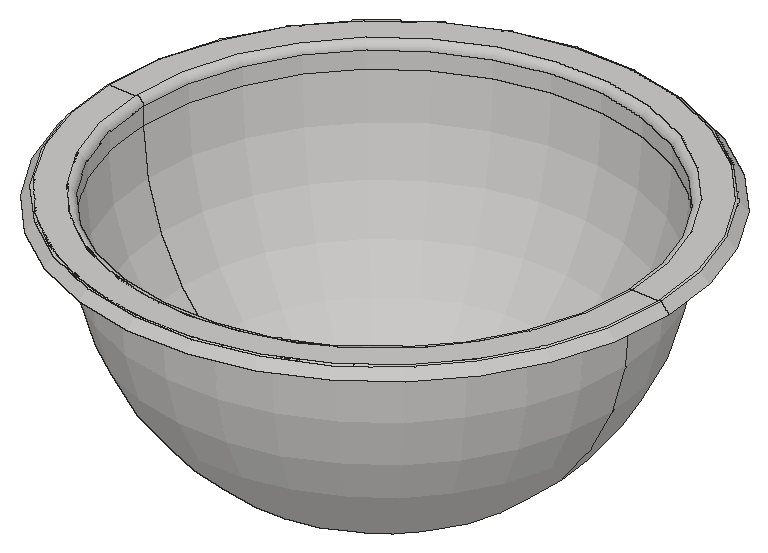
Revit family "PRD_FrankeWS_CntrTopWshBsns_RondoWashbasin_RNDH200-420,RNDX200-420", category Plumbing Fixtures, host Face, Revit 2018
Family settings
  Host = Face
  Round Connector Dimension = Use Diameter
  Part Type = Normal
  OmniClass Number = 23.45.05.14.14
  OmniClass Title = Sinks/Lavatories
  Cut with Voids When Loaded = Yes
  Shared = No
  Room Calculation Point = No
Parameters (values of type "RNDH200 - High polished")
  OutcutDiameterUnderneath = 190 mm
  Height [instance] = if(MountingFromUnderneath, OutcutHeight - Level + CountertopThickness, OutcutHeight)  # 104 mm
  WaterSupplyOverflowAndWasteHolesWaterSupply = "No tapholes"
  WaterSupplyOverflowAndWasteHolesWaste = "Center-Center"
  WaterSupplyOverflowAndWasteHolesOverflow = "None"
  WasteSize = 32.00 mm
  WashbasinMaterial = PRD_AR_StainlessSteel_HighPolished
  WashHandBasinType = "HandRinse"
  WashHandBasinMounting = "CounterTop"
  WarrantyStartDate [instance] = "1900-12-31T23:59:59"
  WarrantyGuarantorParts = "n/a"
  WarrantyGuarantorLabor = "n/a"
  WarrantyDurationUnit = "year"
  WarrantyDurationParts = "n/a"
  WarrantyDurationLabor = "n/a"
  WarrantyDescription = "n/a"
  Version = "1"
  Uniclass2015Version = "Products v1.10"
  Uniclass2015Title = "Counter top wash basins"
  Uniclass2015Code = "Pr_40_20_96_18"
  URL = "www.kwc.com"
  Type = RND200 : RND200
  TagNumber [instance] = "n/a"
  SustainabilityPerformance = "n/a"
  Standard = "n/a"
  Size = "233x108x233 mm"
  Shape = "Round"
  SerialNumber [instance] = "n/a"
  Revision = "n/a"
  ReplacementCost = "n/a"
  ProductInformation = "https://pim.kwc.com/product/2000056306/attachment/datasheet?locale=en"
  OverflowClass = "n/a"
  NominalWidth = 233 mm
  NominalHeight = 108 mm
  NominalDepth = 233 mm
  NetWeight = 0.95 kg
  Name = "RONDO round inset vanity basin RNDH200"
  NBSTypeID = "n/a"
  NBSReference = "45-35-70/360"
  NBSOfficeMasterTag = "n/a"
  NBSNote = "n/a"
  NBSDescription = "Counter top wash basins"
  NBSCertification = "n/a"
  MountingFromUnderneath [instance] = not(MountingFromTop)  # no
  MountingFromTop [instance] = yes
  ModelReference = "RNDH200"
  ModelNumber = "2000056306"
  Model = ModelReference  # "RNDH200"
  MaterialsFinishAndColour = "High polished"
  MaterialsBody = "Stainless steel 1.4301"
  Material = "Stainless steel"
  ManufacturerURL = "www.kwc.com"
  ManufacturerName = "KWC Group AG"  # constant formula
  Manufacturer = ManufacturerName  # "KWC Group AG"
  Level [instance] = if(MountingFromUnderneath, CountertopThickness, 0 mm)  # 0 mm
  IntegralAccessories = "Lugs for underneath mounting are included"
  InstallationDate [instance] = "1900-12-31T23:59:59"
  IfcExportType = "WASHHANDBASIN"
  IfcExportAs = "IfcSanitaryTerminalType"
  GrossWeight = 0.95 kg
  Grade = "n/a"
  Form = "Counter top wash basins"
  Finish = "High polished"
  Features = "stainless steel, 1.00 mm, high polished, inset mounting, 233x108x233 mm (WxHxD)"
  ExpectedLife = "n/a"
  DurationUnit = "year"
  DrainSize = "DN 32 (1 1/4 inch.)"
  Description = "Round inset vanity basin, can be mounted from top or underneath, stainless steel, material thickness 1 mm, bowl diameter 200 mm, without overflow, incl. 5/4 flat perforated and plug waste, stainless steel lugs for underneath mounting are included. Outcut diameter for mounting from top: 212 mm, outcut diameter for mounting from underneath: 190 mm surface high-polished"
  Default Elevation = 0 mm
  OutcutHeight = 104 mm
  OutcutDiameterTop = 212 mm
  CreateOn = "04/2019"  # constant formula
  CountertopThickness [instance] = 4 mm
  Constituents = "n/a"
  Color = "Stainless steel"
  CodePerformance = "n/a"
  Category = "Pr_40_20_96_18, Counter top wash basins"
  BarCode [instance] = "n/a"
  BIMObjectName = "PRD_AR_CounterTopWashBasins_RondoWashbasin_RNDH200"
  Author = "Archispace"  # constant formula
  AssetType = "Fixed"
  AssetIdentifier [instance] = "n/a"
  AccessibilityPerformance = "n/a"
Types (12, lengths in mm): name | OutcutDiameterUnderneath | Height | WashbasinMaterial | Type | Size | ProductInformation | NominalWidth | NominalHeight | NominalDepth | NetWeight | Name | ModelReference | ModelNumber | Model | MaterialsFinishAndColour | GrossWeight | Finish | Features | DrainSize | Description | OutcutHeight | OutcutDiameterTop | CountertopThickness | BIMObjectName
  RNDH200 - High polished | 190 | 104 | PRD_AR_StainlessSteel_HighPolished | RND200 : RND200 | "233x108x233 mm" | "https://pim.kwc.com/product/2000056306/attachment/datasheet?locale=en" | 233 | 108 | 233 | 0.95 kg | "RONDO round inset vanity basin RNDH200" | "RNDH200" | "2000056306" | "RNDH200" | "High polished" | 0.95 kg | "High polished" | "stainless steel, 1.00 mm, high polished, inset mounting, 233x108x233 mm (WxHxD)" | "DN 32 (1 1/4 inch.)" | "Round inset vanity basin, can be mounted from top or underneath, stainless steel, material thickness 1 mm, bowl diameter 200 mm, without overflow, incl. 5/4 flat perforated and plug waste, stainless steel lugs for underneath mounting are included. Outcut diameter for mounting from top: 212 mm, outcut diameter for mounting from underneath: 190 mm surface high-polished" | 104 | 212 | 4 | "PRD_AR_CounterTopWashBasins_RondoWashbasin_RNDH200"
  RNDX200 - Satin finished | 190 | 104 | PRD_AR_StainlessSteel_SatinFinished | RND200 : RND200 | "233x108x233 mm" | "https://pim.kwc.com/product/2000056331/attachment/datasheet?locale=en" | 233 | 108 | 233 | 0.95 kg | "RONDO round inset vanity basin RNDX200" | "RNDX200" | "2000056331" | "RNDX200" | "Satin finished" | 0.95 kg | "Satin finished" | "stainless steel, 1.00 mm, satin finished, inset mounting, 233x108x233 mm (WxHxD)" | "DN-32-1-1-4INH" | "Round inset vanity basin, can be mounted from top or underneath, stainless steel, material thickness 1 mm, bowl diameter 200 mm, without overflow, incl. 5/4 flat perforated and plug waste, stainless steel lugs for underneath mounting are included. Outcut diameter for mounting from top: 212 mm, outcut diameter for mounting from underneath: 190 mm surface satin finished" | 104 | 212 | 4 | "PRD_AR_CounterTopWashBasins_RondoWashbasin_RNDX200"
  RNDH260 - High polished | 250 | 114 | PRD_AR_StainlessSteel_HighPolished | RND260 : RND260 | "295x118x295 mm" | "https://pim.kwc.com/product/2000056335/attachment/datasheet?locale=en" | 295 | 118 | 295 | 1.00 kg | "RONDO round inset vanity basin RNDH260" | "RNDH260" | "2000056335" | "RNDH260" | "High polished" | 1.10 kg | "High polished" | "stainless steel, 1.00 mm, high polished, inset mounting, 295x118x295 mm (WxHxD)" | "DN-32-1-1-4INH" | "Round inset vanity basin, can be mounted from top or underneath, stainless steel, material thickness 1 mm, bowl diameter 260 mm, with overflow, incl. 5/4 overflow kit without waste, stainless steel lugs for underneath mounting are included. Outcut diameter for mounting from top: 274 mm, outcut diameter for mounting from underneath: 250 mm surface high-polished" | 114 | 274 | 4 | "PRD_AR_CounterTopWashBasins_RondoWashbasin_RNDH260"
  RNDX300 - Satin finished | 290 | 155 | PRD_AR_StainlessSteel_SatinFinished | RND300 : RND300 | "339x160x339 mm" | "https://pim.kwc.com/product/2000056424/attachment/datasheet?locale=en" | 339 | 160 | 339 | 1.40 kg | "RONDO round inset vanity basin RNDX300" | "RNDX300" | "2000056424" | "RNDX300" | "Satin finished" | 1.40 kg | "Satin finished" | "stainless steel, 1.00 mm, satin finished, inset mounting, 339x160x339 mm (WxHxD)" | "DN-32-1-1-4INH" | "Round inset vanity basin, can be mounted from top or underneath, stainless steel, material thickness 1 mm, bowl diameter 300 mm, with overflow, incl. 5/4 overflow kit without waste, stainless steel lugs for underneath mounting are included. Outcut diameter for mounting from top: 319 mm, outcut diameter for mounting from underneath: 290 mm surface satin finished" | 155 | 319 | 5 | "PRD_AR_CounterTopWashBasins_RondoWashbasin_RNDX300"
  RNDX360 - Satin finished | 350 | 145 | PRD_AR_StainlessSteel_SatinFinished | RND360 : RND360 | "388x150x388 mm" | "https://pim.kwc.com/product/2000056431/attachment/datasheet?locale=en" | 388 | 150 | 388 | 1.30 kg | "RONDO round inset vanity basin RNDX360" | "RNDX360" | "2000056431" | "RNDX360" | "Satin finished" | 1.65 kg | "Satin finished" | "stainless steel, 1.00 mm, satin finished, inset mounting, 388x150x388 mm (WxHxD)" | "DN-32-1-1-4INH" | "Round inset vanity basin, can be mounted from top or underneath, stainless steel, material thickness 1 mm, bowl diameter 357 mm, with overflow, incl. 5/4 overflow kit without waste, stainless steel lugs for underneath mounting are included. Outcut diameter for mounting from top: 368 mm, outcut diameter for mounting from underneath: 350 mm surface satin finished" | 145 | 368 | 5 | "PRD_AR_CounterTopWashBasins_RondoWashbasin_RNDX360"
  RNDX420 - Satin finished | 410 | 155 | PRD_AR_StainlessSteel_SatinFinished | RND420 : RND420 | "456x160x456 mm" | "https://pim.kwc.com/product/2000056537/attachment/datasheet?locale=en" | 456 | 160 | 456 | 2.50 kg | "RONDO round inset vanity basin RNDX420" | "RNDX420" | "2000056537" | "RNDX420" | "Satin finished" | 2.70 kg | "Satin finished" | "stainless steel, 1.00 mm, satin finished, inset mounting, 456x160x456 mm (WxHxD)" | "DN-32-1-1-4INH" | "Round inset vanity basin, can be mounted from top or underneath, stainless steel, material thickness 1 mm, bowl diameter 418 mm, with overflow, incl. 5/4 overflow kit without waste, stainless steel lugs for underneath mounting are included. Outcut diameter for mounting from top: 436 mm, outcut diameter for mounting from underneath: 410 mm surface satin finished" | 155 | 436 | 5 | "PRD_AR_CounterTopWashBasins_RondoWashbasin_RNDX420"
  RNDX381 - Satin finished | 370 | 154 | PRD_AR_StainlessSteel_SatinFinished | RND381 : RND381 | "426x157x426 mm" | "https://pim.kwc.com/product/2000056436/attachment/datasheet?locale=en" | 426 | 159 | 426 | 1.90 kg | "RONDO round inset vanity basin RNDX381" | "RNDX381" | "2000056436" | "RNDX381" | "Satin finished" | 2.14 kg | "Satin finished" | "stainless steel, 1.00 mm, satin finished, inset mounting, 426x157x426 mm (WxHxD)" | "DN-32-1-1-4INH" | "Round inset vanity basin, can be mounted from top or underneath, stainless steel, material thickness 1 mm, bowl diameter 380 mm, with overflow, incl. 5/4 overflow kit without waste, stainless steel lugs for underneath mounting are included. Outcut diameter for mounting from top: 408 mm, outcut diameter for mounting from underneath: 370 mm surface satin finished" | 154 | 408 | 5 | "PRD_AR_CounterTopWashBasins_RondoWashbasin_RNDX381"
  RNDX260 - Satin finished | 250 | 114 | PRD_AR_StainlessSteel_SatinFinished | RND260 : RND260 | "295x118x295 mm" | "https://pim.kwc.com/product/2000056336/attachment/datasheet?locale=en" | 295 | 118 | 295 | 1.00 kg | "RONDO round inset vanity basin RNDX260" | "RNDX260" | "2000056336" | "RNDX260" | "Satin finished" | 1.10 kg | "Satin finished" | "stainless steel, 1.00 mm, satin finished, inset mounting, 295x118x295 mm (WxHxD)" | "DN-32-1-1-4INH" | "Round inset vanity basin, can be mounted from top or underneath, stainless steel, material thickness 1 mm, bowl diameter 260 mm, with overflow, incl. 5/4 overflow kit without waste, stainless steel lugs for underneath mounting are included. Outcut diameter for mounting from top: 274 mm, outcut diameter for mounting from underneath: 250 mm surface satin finished" | 114 | 274 | 4 | "PRD_AR_CounterTopWashBasins_RondoWashbasin_RNDX260"
  RNDH300 - High polished | 290 | 155 | PRD_AR_StainlessSteel_HighPolished | RND300 : RND300 | "339x160x339 mm" | "https://pim.kwc.com/product/2000056337/attachment/datasheet?locale=en" | 339 | 160 | 339 | 1.40 kg | "RONDO round inset vanity basin RNDH300" | "RNDH300" | "2000056337" | "RNDH300" | "High polished" | 1.40 kg | "High polished" | "stainless steel, 1.00 mm, high polished, inset mounting, 339x160x339 mm (WxHxD)" | "DN-32-1-1-4INH" | "Round inset vanity basin, can be mounted from top or underneath, stainless steel, material thickness 1 mm, bowl diameter 300 mm, with overflow, incl. 5/4 overflow kit without waste, stainless steel lugs for underneath mounting are included. Outcut diameter for mounting from top: 319 mm, outcut diameter for mounting from underneath: 290 mm surface high-polished" | 155 | 319 | 5 | "PRD_AR_CounterTopWashBasins_RondoWashbasin_RNDH300"
  RNDH360 - High polished | 350 | 145 | PRD_AR_StainlessSteel_HighPolished | RND360 : RND360 | "388x150x388 mm" | "https://pim.kwc.com/product/2000056428/attachment/datasheet?locale=en" | 388 | 150 | 388 | 1.30 kg | "RONDO round inset vanity basin RNDH360" | "RNDH360" | "2000056428" | "RNDH360" | "High polished" | 1.65 kg | "High polished" | "stainless steel, 1.00 mm, high polished, inset mounting, 388x150x388 mm (WxHxD)" | "DN-32-1-1-4INH" | "Round inset vanity basin, can be mounted from top or underneath, stainless steel, material thickness 1 mm, bowl diameter 357 mm, with overflow, incl. 5/4 overflow kit without waste, stainless steel lugs for underneath mounting are included. Outcut diameter for mounting from top: 368 mm, outcut diameter for mounting from underneath: 350 mm surface high-polished" | 145 | 368 | 5 | "PRD_AR_CounterTopWashBasins_RondoWashbasin_RNDH360"
  RNDH381 - High polished | 370 | 154 | PRD_AR_StainlessSteel_HighPolished | RND381 : RND381 | "426x157x426 mm" | "https://pim.kwc.com/product/2000056432/attachment/datasheet?locale=en" | 426 | 159 | 426 | 2.20 kg | "RONDO round inset vanity basin RNDH381" | "RNDH381" | "2000056432" | "RNDH381" | "High polished" | 2.20 kg | "High polished" | "stainless steel, 1.00 mm, high polished, inset mounting, 426x157x426 mm (WxHxD)" | "DN-32-1-1-4INH" | "Round inset vanity basin, can be mounted from top or underneath, stainless steel, material thickness 1 mm, bowl diameter 380 mm, with overflow, incl. 5/4 overflow kit without waste, stainless steel lugs for underneath mounting are included. Outcut diameter for mounting from top: 408 mm, outcut diameter for mounting from underneath: 370 mm surface high-polished" | 154 | 408 | 5 | "PRD_AR_CounterTopWashBasins_RondoWashbasin_RNDH381"
  RNDH420 - High polished | 410 | 155 | PRD_AR_StainlessSteel_HighPolished | RND420 : RND420 | "456x160x456 mm" | "https://pim.kwc.com/product/2000056536/attachment/datasheet?locale=en" | 456 | 160 | 456 | 2.50 kg | "RONDO round inset vanity basin RNDH420" | "RNDH420" | "2000056536" | "RNDH420" | "High polished" | 2.70 kg | "High polished" | "stainless steel, 1.00 mm, high polished, inset mounting, 456x160x456 mm (WxHxD)" | "DN-32-1-1-4INH" | "Round inset vanity basin, can be mounted from top or underneath, stainless steel, material thickness 1 mm, bowl diameter 418 mm, with overflow, incl. 5/4 overflow kit without waste, stainless steel lugs for underneath mounting are included. Outcut diameter for mounting from top: 436 mm, outcut diameter for mounting from underneath: 410 mm surface high-polished" | 155 | 436 | 5 | "PRD_AR_CounterTopWashBasins_RondoWashbasin_RNDH420"
Reference planes
  plane 1 "Center (Front/Back)": y = 0
  plane 2: z = 0
  plane 3 "Center (Left/Right)": x = 0
  plane 4 "level": z = 0
  plane 5: z = -104
Forms (mm)
  Extrusion 1, void
    sketch origin (0, 0, 0) x (1, 0, 0) y (0, 1, 0)
      loop
        circle (0, 0) r 106
    from 0 to -104
  Extrusion 2, void
    sketch origin (0, 0, 0) x (-1, 0, 0) y (0, -1, 0)
      loop
        circle (0, 0) r 106
    from 0 to 4
  Extrusion 3, void
    sketch origin (0, 0, 0) x (-1, 0, 0) y (0, -1, 0)
      loop
        circle (0, 0) r 116.5
    from 0 to 4
Dimensions and locks
  "Level": level to plane 4 "level"
  "CountertopThickness": Extrusion 2 to Extrusion 2
  "Height": plane 4 "level" to plane 5
  "CountertopThickness": Extrusion 3 to Extrusion 3
  "OutcutDiameterTop": diameter of Extrusion 1 sketch curve
  "OutcutDiameterTop": diameter of Extrusion 2 sketch curve
  "NominalWidth": diameter of Extrusion 3 sketch curve
  aligned and locked: plane 2 to host face
  aligned and locked: level to host face
  aligned and locked: Extrusion 1 to plane 5
  aligned and locked: plane 4 "level" to Extrusion 1
  aligned and locked: Extrusion 2 to plane 4 "level"
  aligned and locked: Extrusion 3 to plane 4 "level"
Automatic sketch dimensions
  host sketch curve to host sketch curve = 2438.4 mm  (x2)
  plane 1 "Center (Front/Back)" to Extrusion 3 sketch curve = 0 mm
  plane 3 "Center (Left/Right)" to Extrusion 3 sketch curve = 0 mm
  plane 1 "Center (Front/Back)" to Extrusion 1 sketch curve = 0 mm
  Extrusion 1 sketch curve to plane 3 "Center (Left/Right)" = 0 mm
  plane 1 "Center (Front/Back)" to Extrusion 2 sketch curve = 0 mm
  Extrusion 2 sketch curve to plane 3 "Center (Left/Right)" = 0 mm
Nested families
  nested 1: "RND200" at (0, 0, 0), type <- "Type", type "RND200"
Connectors
  piping at (0, 0, -104), diameter 32, driven by "WasteSize", driven by "DrainSize"
    settings: on host face, index 1, connector inside diameter 609.60 mm, connector length 0 mm, flow factor 0, pipe flow 0.0 L/s, pressure drop 0.0 Pa, fitting loss kfactor 0, connector angle 0.00°, fixture units 0, engagement length 0 mm, angle of deflection 0.00°, flow configuration 2, flow direction 2, fitting loss method 0, system type 16, joint type 0, gender type 0, connector reference index -1, connector utility 0, adjustable connector no, is connector primary yes, connector description "DN 32 (1 1/4 inch.)"
Definition of nested family "RND200"
  Parameters (values of type "RND200")
    Material = none
    Default Elevation = 0 mm
  Reference planes
    plane 1 "Center (Front/Back)": y = 0
    plane 2: z = 0
    plane 3 "Center (Left/Right)": x = 0
  Forms (mm)
    Revolve 1, solid, material <- "Material", detail levels fine
      sketch origin (0, 0, 0) x (1, 0, 0) y (0, 0, 1)
        loop
          arc (-100.7, -6) -> (-78.971, -68.483) -> (-23.161, -104) r 100.7
          line (-23.161, -104) -> (-22.701, -102.054)
          arc (-22.701, -102.054) -> (-77.402, -67.242) -> (-98.7, -6) r 98.7
          line (-98.7, -6) -> (-98.7, 1)
          arc (-98.7, 1) -> (-99.579, 3.121) -> (-101.7, 4) r 3
          line (-101.7, 4) -> (-112.577, 4)
          arc (-112.577, 4) -> (-112.993, 3.91) -> (-113.333, 3.655) r 1
          line (-113.333, 3.655) -> (-116.5, 0) -> (-100.7, 0) -> (-100.7, -6)
        axis (0, 4) -> (0, -104)
      angle from 0 to 360
    Revolve 2, solid, material <- "Material", detail levels medium
      sketch origin (0, 0, 0) x (1, 0, 0) y (0, 0, 1)
        loop
          arc (-100.7, -6) -> (-78.971, -68.483) -> (-23.161, -104) r 100.7
          line (-23.161, -104) -> (-22.701, -102.054)
          arc (-22.701, -102.054) -> (-77.402, -67.242) -> (-98.7, -6) r 98.7
          line (-98.7, -6) -> (-98.7, 4) -> (-116.5, 4) -> (-116.5, 0) -> (-100.7, 0) -> (-100.7, -6)
        axis (0, 4) -> (0, -104)
      angle from 0 to 360
    Revolve 3, solid, material <- "Material", detail levels coarse
      sketch origin (0, 0, 0) x (1, 0, 0) y (0, 0, 1)
        loop
          arc (-100.7, -6) -> (-78.971, -68.483) -> (-23.161, -104) r 100.7
          line (-23.161, -104) -> (0, -104) -> (0, 4) -> (-116.5, 4) -> (-116.5, 0) -> (-100.7, 0) -> (-100.7, -6)
        axis (0, 4) -> (0, -104)
      angle from 0 to 360
  Dimensions and locks
    aligned and locked: level to plane 2
    aligned and locked: Revolve 1 sketch curve to plane 3 "Center (Left/Right)"
    aligned and locked: Revolve 2 sketch curve to plane 3 "Center (Left/Right)"
    aligned and locked: Revolve 3 sketch curve to plane 3 "Center (Left/Right)"
